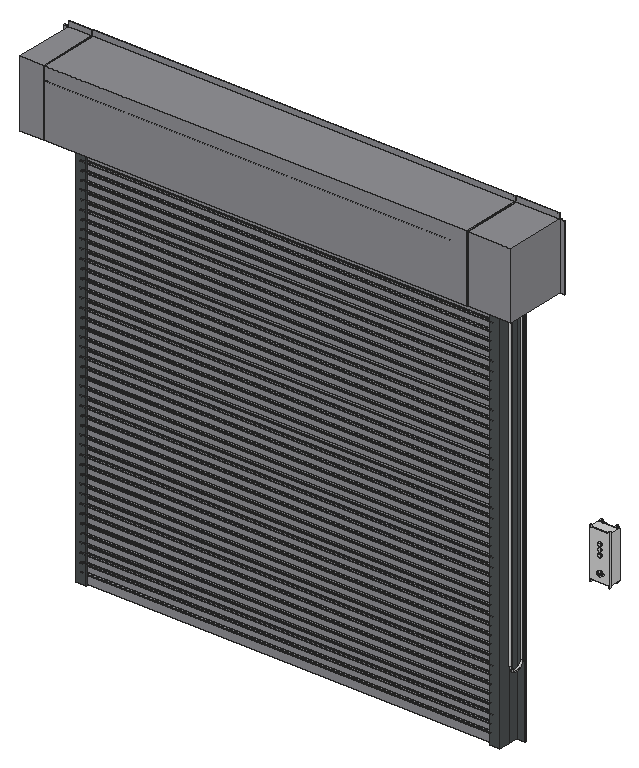
Revit family "EverServe-HD-Rolling-Steel-Service-Doors_OHD_Model-620S_compact", category Specialty Equipment, host Wall, Revit 2023 (continued)
Definition of nested family "620S"
  Automatic sketch dimensions
    Extrusion 1 sketch curve to Extrusion 1 sketch curve = 0.41747"  (x2)
    curve 1 to Extrusion 1 sketch curve = 2.67875"
    Extrusion 1 sketch curve to Extrusion 1 sketch curve = 0.02395"  (x5)
    curve 1 to Extrusion 1 sketch curve = 2.62435"
    Extrusion 1 sketch curve to Extrusion 1 sketch curve = 0.03031"  (x4)
    curve 1 to Extrusion 1 sketch curve = 0.14423"
    Extrusion 1 sketch curve to Extrusion 1 sketch curve = 0.45387"
    Extrusion 1 sketch curve to Extrusion 1 sketch curve = 0.00007"  (x5)
    Extrusion 1 sketch curve to Extrusion 1 sketch curve = 0.00899"  (x5)
    Extrusion 1 sketch curve to Extrusion 1 sketch curve = 0.00552"  (x5)
    Extrusion 1 sketch curve to Extrusion 1 sketch curve = 0.04341"  (x3)
    Extrusion 1 sketch curve to Extrusion 1 sketch curve = 0.01303"  (x2)
    curve 1 to Extrusion 1 sketch curve = 2.71019"
    Extrusion 1 sketch curve to Extrusion 1 sketch curve = 5/256"  (x2)
    Extrusion 1 sketch curve to Extrusion 1 sketch curve = 0.02448"  (x3)
    Extrusion 1 sketch curve to Extrusion 1 sketch curve = 0.06"  (x5)
    Extrusion 1 sketch curve to Extrusion 1 sketch curve = 0.01261"  (x2)
    Extrusion 1 sketch curve to Extrusion 1 sketch curve = 2.10108"  (x4)
    Extrusion 1 sketch curve to Extrusion 1 sketch curve = 0.11957"  (x2)
    Extrusion 1 sketch curve to Extrusion 1 sketch curve = 0.09059"  (x2)
    Extrusion 1 sketch curve to Extrusion 1 sketch curve = 0.05819"  (x4)
    Extrusion 1 sketch curve to Extrusion 1 sketch curve = 1/128"  (x4)
    Extrusion 1 sketch curve to Extrusion 1 sketch curve = 0.09983"  (x2)
    Extrusion 1 sketch curve to Extrusion 1 sketch curve = 0.01046"  (x2)
    Extrusion 1 sketch curve to Extrusion 1 sketch curve = 0.00686"  (x2)
    Extrusion 1 sketch curve to Extrusion 1 sketch curve = 0.03144"  (x3)
    Extrusion 1 sketch curve to Extrusion 1 sketch curve = 0.01995"  (x3)
    Extrusion 1 sketch curve to Extrusion 1 sketch curve = 0.11917"  (x3)
    Extrusion 1 sketch curve to Extrusion 1 sketch curve = 0.09089"
    Extrusion 1 sketch curve to Extrusion 1 sketch curve = 0.09993"
    Extrusion 1 sketch curve to Extrusion 1 sketch curve = 0.01049"
    Extrusion 1 sketch curve to Extrusion 1 sketch curve = 0.00683"
    Extrusion 1 sketch curve to Extrusion 1 sketch curve = 0.07903"
    Extrusion 1 sketch curve to Extrusion 1 sketch curve = 0.01186"
    Extrusion 1 sketch curve to Extrusion 1 sketch curve = 0.05829"
    Extrusion 1 sketch curve to Extrusion 1 sketch curve = 0.05892"
    Extrusion 1 sketch curve to Extrusion 1 sketch curve = 0.00247"
    curve 1 to Extrusion 1 sketch curve = 4.8597"
    Extrusion 1 sketch curve to Extrusion 1 sketch curve = 0.0313"  (x2)
    Extrusion 1 sketch curve to Extrusion 1 sketch curve = 0.03156"
    curve 1 to Extrusion 1 sketch curve = 2.23417"
    Extrusion 1 sketch curve to Extrusion 1 sketch curve = 0.0005"
    plane 1 "Center (Front/Back)" to curve 1 = 4.98186"
    plane 1 "Center (Front/Back)" to curve 7 = 2.86663"
    curve 1 to curve 2 = 2.11523"
    curve 5 to curve 7 = 0"
    curve 3 to curve 2 = 0"  (x2)
    curve 6 to curve 7 = 0"
    curve 4 to curve 3 = 0"
    curve 2 to plane 6 = 7.10337"
    curve 5 to plane 6 = 7.10337"
    curve 4 to curve 5 = 0"
    curve 6 to curve 5 = 0"
    curve 7 to curve 5 = 0"
    curve 2 to curve 1 = 2.35433"
  Nested families (in)
    nested 1: "Perforation" at (0, 0.6, 0.894), visible <- "Integrated Cutout", type "Perforation"
      with Opening Width 128", Offset 1"
    nested 2: "Perforation" at (0, 0.6, 3.524), visible <- "Integrated Cutout", type "Perforation"
      with Opening Width 128", Offset 1"
    nested 3: "Perforation" at (0, 0.6, 6.154), visible <- "Integrated Cutout", type "Perforation"
      with Opening Width 128", Offset 1"
    nested 4: "Perforation" at (0, 0.6, 8.784), visible <- "Integrated Cutout", type "Perforation"
      with Opening Width 128", Offset 1"
    nested 5: "Perforation" at (0, 0.6, 11.414), visible <- "Integrated Cutout", type "Perforation"
      with Opening Width 128", Offset 1"
  Definition of nested family "Perforation"
    Parameters (values of type "Perforation")
      Perforation = none
      Opening Width = 123 5/8"
      Offset = 2"
      Height = 1"
      Default Elevation = 48"
    Reference planes (in)
      plane 1 "Center (Front/Back)": y = 0
      plane 2: z = 0
      plane 3 "Center (Left/Right)": x = 0
      plane 4: z = 0.5
      plane 5: z = -0.5
      plane 6: y = -0.03
      plane 7: y = 0.03
      plane 8: x = -61.8125
      plane 9: x = 61.8125
      plane 10: x = -59.8125
      plane 11: x = 59.8125
    Forms (in)
      Extrusion 1, solid, material <- "Perforation"
        sketch origin (0, -0.19, 0) x (0, 1, 0) y (0, 0, 1)
          loop
            line (0.16, 0.5) -> (0.16, -0.5) -> (0.22, -0.5) -> (0.22, 0.5) -> (0.16, 0.5)
        from -59.8125 to 59.8125
    Dimensions and locks (in)
      equal spacing: plane 4, level, plane 5
      "Height": plane 4 to plane 5
      equal spacing: plane 6, plane 1 "Center (Front/Back)", plane 7
      locked: plane 6 to plane 7 at 0.06
      "Opening Width": plane 8 to plane 9
      "Offset": plane 8 to plane 10
      "Offset": plane 9 to plane 11
      equal spacing: plane 8, plane 3 "Center (Left/Right)", plane 9
      aligned and locked: plane 2 to level
      aligned and locked: plane 4 to Extrusion 1
      aligned and locked: Extrusion 1 to plane 5
      aligned and locked: plane 6 to Extrusion 1
      aligned and locked: plane 7 to Extrusion 1
      aligned and locked: Extrusion 1 to plane 10
      aligned and locked: plane 11 to Extrusion 1
    Automatic sketch dimensions
      Extrusion 1 sketch curve to level = 1/2"
      plane 1 "Center (Front/Back)" to Extrusion 1 sketch curve = 0.03"
      Extrusion 1 sketch curve to plane 1 "Center (Front/Back)" = 0.03"
      plane 4 to Extrusion 1 sketch curve = 0"
Definition of nested family "Label Annotation 1"
  Parameters (values of type "Label Annotation 1-8")
    Label = "Area is too big. Please reduce Door Size."
  Reference planes (in)
    plane 1: y = 0
    plane 2: x = 0
  Text (in)
    label "Label" at (0.00375, -0.00345, 0), shows "Label"
Definition of nested family "Warning Sign"
  Parameters (values of type "Warning Sign")
    Warning Sign [instance] = no
    Default Elevation = 48"
  Reference planes (in)
    plane 1 "Center (Front/Back)": y = 0
    plane 2: z = 0
    plane 3 "Center (Left/Right)": x = 0
    plane 4: y = 0.5
    plane 5: y = -0.5
    plane 6: y = 1
    plane 7: y = 0.25
  Lines and regions (in)
    model lines
      curve 1: line (-2.26129, 1, 45.69444) -> (-26.3817, 1, 3.91667)
      curve 2: line (-25.25106, 1, 3.26389) -> (-1.13064, 1, 45.04167)
      curve 3: arc (2.26129, 1, 45.69444) -> (0, 1, 47) -> (-2.26129, 1, 45.69444) r 2.61111
      curve 4: arc (-1.13064, 1, 45.04167) -> (0, 1, 45.69444) -> (1.13064, 1, 45.04167) r 1.30556
      curve 5: line (1.13064, 1, 45.04167) -> (25.25106, 1, 3.26389)
      curve 6: line (26.3817, 1, 3.91667) -> (2.26129, 1, 45.69444)
      curve 7: arc (25.25106, 1, 3.26389) -> (25.25106, 1, 1.95833) -> (24.12041, 1, 1.30556) r 1.30556
      curve 8: arc (24.12041, 1, 0) -> (26.3817, 1, 1.30556) -> (26.3817, 1, 3.91667) r 2.61111
      curve 9: line (24.12041, 1, 1.30556) -> (-24.12041, 1, 1.30556)
      curve 10: line (-24.12041, 1, 0) -> (24.12041, 1, 0)
      curve 11: arc (-24.12041, 1, 1.30556) -> (-25.25106, 1, 1.95833) -> (-25.25106, 1, 3.26389) r 1.30556
      curve 12: arc (-26.3817, 1, 3.91667) -> (-26.3817, 1, 1.30556) -> (-24.12041, 1, 0) r 2.61111
      curve 13: arc (-2.29479, 1, 8.63537) -> (0, 1, 6.34057) -> (2.29479, 1, 8.63537) r 2.29479
      curve 14: arc (2.29479, 1, 8.63537) -> (0, 1, 10.93016) -> (-2.29479, 1, 8.63537) r 2.29479
      curve 15: arc (-1.6331, 1, 13.97069) -> (0.03439, 1, 12.53727) -> (1.69278, 1, 13.98121) r 1.68043
      curve 16: line (-3.77413, 1, 28.37873) -> (-1.6331, 1, 13.97069)
      curve 17: line (1.69278, 1, 13.98121) -> (3.73924, 1, 28.37873)
      curve 18: arc (3.73924, 1, 28.37873) -> (-0.01745, 1, 32.13541) -> (-3.77413, 1, 28.37873) r 3.75668
      curve 19: line (-2.26129, -0.5, 45.69444) -> (-26.3817, -0.5, 3.91667)
      curve 20: line (-25.25106, -0.5, 3.26389) -> (-1.13064, -0.5, 45.04167)
      curve 21: arc (2.26129, -0.5, 45.69444) -> (0, -0.5, 47) -> (-2.26129, -0.5, 45.69444) r 2.61111
      curve 22: arc (-1.13064, -0.5, 45.04167) -> (0, -0.5, 45.69444) -> (1.13064, -0.5, 45.04167) r 1.30556
      curve 23: line (1.13064, -0.5, 45.04167) -> (25.25106, -0.5, 3.26389)
      curve 24: line (26.3817, -0.5, 3.91667) -> (2.26129, -0.5, 45.69444)
      curve 25: arc (25.25106, -0.5, 3.26389) -> (25.25106, -0.5, 1.95833) -> (24.12041, -0.5, 1.30556) r 1.30556
      curve 26: arc (24.12041, -0.5, 0) -> (26.3817, -0.5, 1.30556) -> (26.3817, -0.5, 3.91667) r 2.61111
      curve 27: line (24.12041, -0.5, 1.30556) -> (-24.12041, -0.5, 1.30556)
      curve 28: line (-24.12041, -0.5, 0) -> (24.12041, -0.5, 0)
      curve 29: arc (-24.12041, -0.5, 1.30556) -> (-25.25106, -0.5, 1.95833) -> (-25.25106, -0.5, 3.26389) r 1.30556
      curve 30: arc (-26.3817, -0.5, 3.91667) -> (-26.3817, -0.5, 1.30556) -> (-24.12041, -0.5, 0) r 2.61111
      curve 31: arc (-2.29479, -0.5, 8.63537) -> (0, -0.5, 6.34057) -> (2.29479, -0.5, 8.63537) r 2.29479
      curve 32: arc (2.29479, -0.5, 8.63537) -> (0, -0.5, 10.93016) -> (-2.29479, -0.5, 8.63537) r 2.29479
      curve 33: arc (-1.6331, -0.5, 13.97069) -> (0.03439, -0.5, 12.53727) -> (1.69278, -0.5, 13.98121) r 1.68043
      curve 34: line (-3.77413, -0.5, 28.37873) -> (-1.6331, -0.5, 13.97069)
      curve 35: line (1.69278, -0.5, 13.98121) -> (3.73924, -0.5, 28.37873)
      curve 36: arc (3.73924, -0.5, 28.37873) -> (-0.01745, -0.5, 32.13541) -> (-3.77413, -0.5, 28.37873) r 3.75668
  Dimensions and locks (in)
    locked: plane 1 "Center (Front/Back)" to plane 4 at 0.5
    equal spacing: plane 1 "Center (Front/Back)", plane 7, plane 4
    locked: plane 4 to plane 6 at 0.5
    locked: plane 5 to plane 1 "Center (Front/Back)" at 0.5
    aligned and locked: plane 2 to level
  Automatic sketch dimensions
    curve 21 to curve 22 = 0"  (x2)
    curve 25 to curve 26 = 0"  (x2)
    curve 29 to curve 30 = 0"  (x2)
    curve 31 to curve 32 = 0"  (x2)
    curve 21 to plane 3 "Center (Left/Right)" = 0"
    curve 31 to plane 3 "Center (Left/Right)" = 0"
    curve 30 to level = 0"
    level to curve 27 = 1.30556"
    curve 26 to curve 27 = 1.30556"
    curve 29 to curve 27 = 1.30556"
    curve 23 to curve 25 = 0.65278"
    curve 20 to curve 29 = 0.65278"
    curve 24 to curve 23 = 0.65278"
    curve 19 to curve 20 = 0.65278"
    level to curve 32 = 8.63537"
    curve 34 to plane 3 "Center (Left/Right)" = 1.6331"
    curve 34 to curve 31 = 5.33532"
    plane 3 "Center (Left/Right)" to curve 35 = 1.69278"
    curve 35 to curve 34 = 0.01052"
    plane 3 "Center (Left/Right)" to curve 33 = 0.02908"
    curve 36 to plane 3 "Center (Left/Right)" = 0.01745"
    curve 36 to curve 33 = 14.16104"
    curve 22 to curve 36 = 16.01016"
    plane 3 "Center (Left/Right)" to curve 23 = 1.13064"
    curve 23 to curve 21 = 0.65278"
    curve 20 to plane 3 "Center (Left/Right)" = 1.13064"
    plane 3 "Center (Left/Right)" to curve 24 = 2.26129"
    curve 24 to curve 22 = 0.65278"
    curve 19 to plane 3 "Center (Left/Right)" = 2.26129"
    curve 34 to curve 36 = 3.75668"
    curve 30 to plane 3 "Center (Left/Right)" = 24.12041"
    plane 3 "Center (Left/Right)" to curve 25 = 24.12041"
    curve 31 to curve 31 = 2.29479"
    curve 3 to curve 4 = 0"  (x2)
    curve 7 to curve 8 = 0"  (x2)
    curve 11 to curve 12 = 0"  (x2)
    curve 13 to curve 14 = 0"  (x2)
    curve 3 to plane 3 "Center (Left/Right)" = 0"
    curve 13 to plane 3 "Center (Left/Right)" = 0"
    curve 12 to level = 0"
    level to curve 9 = 1.30556"
    curve 8 to curve 9 = 1.30556"
    curve 11 to curve 9 = 1.30556"
    curve 5 to curve 7 = 0.65278"
    curve 2 to curve 11 = 0.65278"
    curve 6 to curve 5 = 0.65278"
    curve 1 to curve 2 = 0.65278"
    level to curve 14 = 8.63537"
    curve 16 to plane 3 "Center (Left/Right)" = 1.6331"
    curve 16 to curve 13 = 5.33532"
    plane 3 "Center (Left/Right)" to curve 17 = 1.69278"
    curve 17 to curve 16 = 0.01052"
    plane 3 "Center (Left/Right)" to curve 15 = 0.02908"
    curve 18 to plane 3 "Center (Left/Right)" = 0.01745"
    curve 18 to curve 15 = 14.16104"
    curve 4 to curve 18 = 16.01016"
    plane 3 "Center (Left/Right)" to curve 5 = 1.13064"
    curve 5 to curve 3 = 0.65278"
    curve 2 to plane 3 "Center (Left/Right)" = 1.13064"
    plane 3 "Center (Left/Right)" to curve 6 = 2.26129"
    curve 6 to curve 4 = 0.65278"
    curve 1 to plane 3 "Center (Left/Right)" = 2.26129"
    curve 16 to curve 18 = 3.75668"
    curve 12 to plane 3 "Center (Left/Right)" = 24.12041"
    plane 3 "Center (Left/Right)" to curve 7 = 24.12041"
    curve 13 to curve 13 = 2.29479"
Types (6): name | Voltage | Number of Poles | Apparent Load Phase 3 | Apparent Load Phase 2 | Apparent Load Phase 1
  208 volts, one phase, 60 Hz (208-240V range) | 208 V | 1 | 0 VA | 0 VA | 4160 VA
  220 volts, one phase, 60 Hz (220-240V range) | 220 V | 1 | 0 VA | 0 VA | 4400 VA
  208 volts, three phase, 60 Hz (208-240V range) | 208 V | 3 | 2401.78 VA | 2401.78 VA | 2401.78 VA
  230 volts, three phase, 60 Hz (220-240V range) | 230 V | 3 | 2655.81 VA | 2655.81 VA | 2655.81 VA
  460 volts, three phase, 60 Hz (440-480 V range) | 460 V | 3 | 5311.62 VA | 5311.62 VA | 5311.62 VA
  575 volts, three phase, 60 Hz | 575 V | 3 | 6639.53 VA | 6639.53 VA | 6639.53 VA
